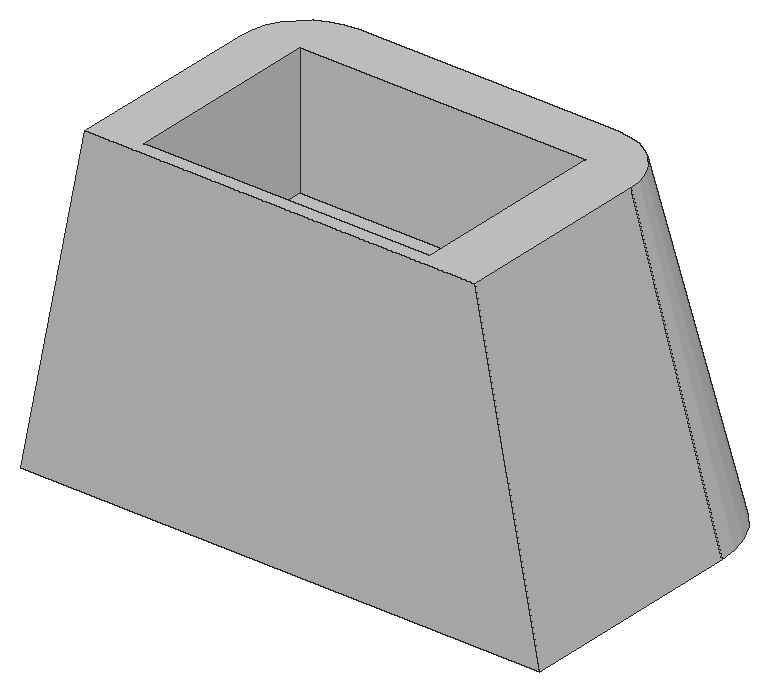
Revit family
Parameters (values of type "400 x 300 x 250")
  Top Half Width = 150 mm
  Top Depth = 200 mm
  Fixture Height = 250 mm
  Distance From Wall [instance] = 15 mm
  Base Width = 400 mm
  Base Depth = 250 mm
Reference planes
  plane 1: y = 0
  plane 2 "Center (Left/Right)": x = 154.642
  plane 3 "Back": y = 75
  plane 4: y = 340
  plane 5: y = 290
  plane 6: x = 4.642
  plane 7: x = -45.358
  plane 8: x = 304.642
  plane 9: x = 354.642
  plane 10 "Top": z = 250
  plane 11 "Bottom": z = 0
  plane 12: y = 90
Forms (mm)
  Blend 1, solid
    base sketch origin (0, 0, 0) x (0, 1, 0) y (-1, 0, 0)
      loop
        line (90, 45.358) -> (90, -354.642) -> (265, -354.642)
        arc (265, -354.642) -> (318.033, -332.675) -> (340, -279.642) r 75
        line (340, -279.642) -> (340, -29.642)
        arc (340, -29.642) -> (318.033, 23.391) -> (265, 45.358) r 75
        line (265, 45.358) -> (90, 45.358)
    top sketch origin (0, 0, 0) x (0, 1, 0) y (-1, 0, 0)
      loop
        line (90, -4.642) -> (90, -304.642) -> (240, -304.642)
        arc (240, -304.642) -> (275.355, -289.997) -> (290, -254.642) r 50
        line (290, -254.642) -> (290, -54.642)
        arc (290, -54.642) -> (275.355, -19.286) -> (240, -4.642) r 50
        line (240, -4.642) -> (90, -4.642)
    from 0 to 250
  Extrusion 2, void
    sketch origin (0, 0, 250) x (0, 1, 0) y (-1, 0, 0)
      loop
        line (100, -42.142) -> (100, -262.142) -> (250, -262.142) -> (250, -42.142) -> (100, -42.142)
    from 28.175 to -100
Cuts and joins
  Extrusion 2 cuts Blend 1
Text (mm)
  text "Placement side" at (-1787.139, 592.35, 0), in view "Ref. Level"
  text "Placement side" at (0, 1827.695, 2917.686), in view "Left"
  text "Placement side" at (0, 562.268, 3853.606), in view "Right"
Dimensions and locks
  locked: plane 3 "Back" to host wall at 0
  "Fixture Height": plane 11 "Bottom" to plane 10 "Top"
  equal spacing: plane 6, plane 2 "Center (Left/Right)", plane 8
  "Top Half Width": plane 2 "Center (Left/Right)" to plane 8
  equal spacing: plane 7, plane 2 "Center (Left/Right)", plane 9
  "Base Width": plane 7 to plane 9
  "Distance From Wall": plane 3 "Back" to plane 12
  "Top Depth": plane 12 to plane 5
  "Base Depth": plane 12 to plane 4
  aligned and locked: host wall to plane 1
  aligned and locked: plane 7 to Blend 1 sketch curve
  aligned and locked: Blend 1 sketch curve to plane 12  (x2)
  aligned and locked: plane 9 to Blend 1 sketch curve
  aligned and locked: plane 4 to Blend 1 sketch curve
  aligned and locked: Blend 1 sketch curve to plane 7
  aligned and locked: plane 6 to Blend 1 sketch curve
  aligned and locked: plane 8 to Blend 1 sketch curve
  aligned and locked: plane 5 to Blend 1 sketch curve
  aligned and locked: Blend 1 sketch curve to plane 6
Automatic sketch dimensions
  plane 5 to Blend 1 sketch curve = 25 mm  (x2)
  Blend 1 sketch curve to Blend 1 sketch curve = 50 mm  (x2)
  Extrusion 2 sketch curve to plane 12 = 10 mm
  plane 5 to Extrusion 2 sketch curve = 40 mm
  plane 8 to Extrusion 2 sketch curve = 42.5 mm
  Extrusion 2 sketch curve to plane 6 = 37.5 mm
